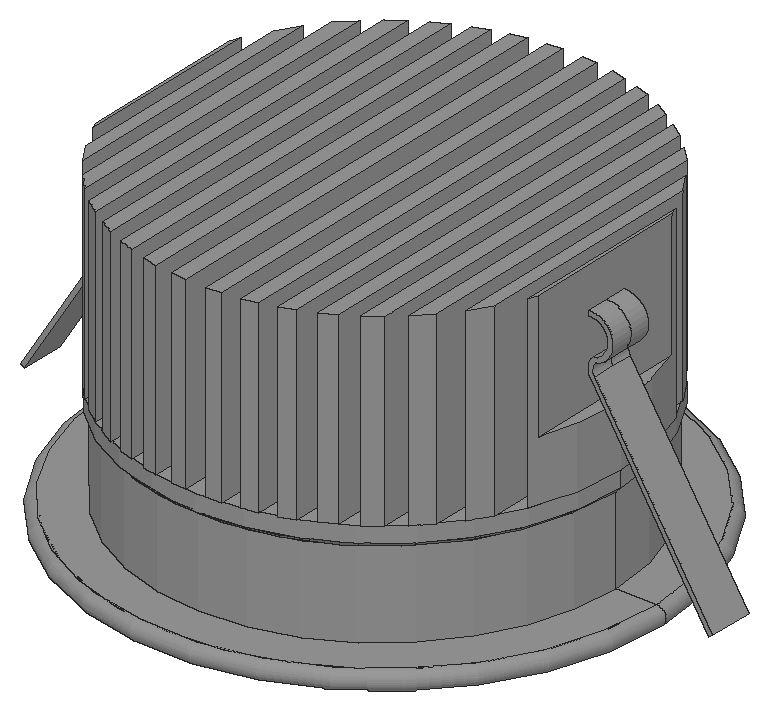
Revit family "FAM1_63_UN_Spot_ETK", category Lighting Fixtures, Revit 2017
Family settings
  Round Connector Dimension = Use Diameter
  Part Type = Normal
  OmniClass Number = 23.80.70.11.14.11
  OmniClass Title = Downlights
  Work Plane-Based = No
  Always vertical = Yes
  Cut with Voids When Loaded = Yes
  Light Source = No
  Shared = No
  Room Calculation Point = Yes
Parameters (values of type "FAM.1101.xx - 9W / 770lm / 2700K")
  Wattage Comments = "9W"
  Voltage = 230 V
  URL = "https://www.etk.nl/media/wysiwyg/files/FAM.1.pdf"
  Symbol_Waterproof [instance] = no
  Symbol_Emergency Lighting [instance] = no
  Switch Code [instance] = ""
  Model = "FAM.1"
  Material = RAL 9003
  Manufacturer = "ETK licht B.V."
  Luminaire Code [instance] = ""
  Light Source = FAM.1 - Lightsource : FAM.1101.xx - 9W / 770lm / 2700K
  Lamp = "LED"
  IfcExportType = "USERDEFINED"
  IfcExportAs = "IfcLightFixtureType"
  Copyright © IVLighting = "www.IVLighting.nl"
  Bundle = "42°"
  Assembly Code = "63.0"
  Apparent Load = 9 VA
Types (10, lengths in mm): name | Light Source
  (no name) | FAM.1 - Lightsource : FAM.1101.xx - 9W / 770lm / 2700K
  FAM.1101.xx - 9W / 770lm / 2700K | FAM.1 - Lightsource : FAM.1101.xx - 9W / 770lm / 2700K
  FAM.1201.xx - 9W / 830lm / 3000K | FAM.1 - Lightsource : FAM.1201.xx - 9W / 830lm / 3000K
  FAM.1301.xx - 9W / 850lm / 4000K | FAM.1 - Lightsource : FAM.1301.xx - 9W / 850lm / 4000K
  FAM.1102.xx - 9W / 770lm / 2700K | FAM.1 - Lightsource : FAM.1102.xx - 9W / 770lm / 2700K
  FAM.1202.xx - 9W / 830lm / 3000K | FAM.1 - Lightsource : FAM.1202.xx - 9W / 830lm / 3000K
  FAM.1302.xx - 9W / 850lm / 4000K | FAM.1 - Lightsource : FAM.1302.xx - 9W / 850lm / 4000K
  FAM.1103.xx - 9W / 770lm / 2700K | FAM.1 - Lightsource : FAM.1103.xx - 9W / 770lm / 2700K
  FAM.1203.xx - 9W / 830lm / 3000K | FAM.1 - Lightsource : FAM.1203.xx - 9W / 830lm / 3000K
  FAM.1303.xx - 9W / 850lm / 4000K | FAM.1 - Lightsource : FAM.1303.xx - 9W / 850lm / 4000K
Reference planes
  plane 1 "Center (Front/Back)": y = 0
  plane 2: z = 0
  plane 3 "Center (Left/Right)": x = 0
Forms (mm)
  Revolve 1, solid, material "RAL 9003" <- "Material"
    sketch origin (0, 0, 0) x (1, 0, 0) y (0, 0, 1)
      loop
        line (-40.007, 0) -> (-47.008, 0)
        arc (-47.008, 0) -> (-48.627, -1.619) -> (-47.008, -3.239) r 1.619
        line (-47.008, -3.239) -> (-40.007, -3.239) -> (-40.007, 0)
      axis (0, 0) -> (0, -3.239)
    angle from 0 to 360
  Revolve 2, solid, material "RAL 9003" <- "Material"
    sketch origin (0, 0, 0) x (1, 0, 0) y (0, 0, 1)
      loop
        arc (-40.007, 0) -> (-26.472, 13.1) -> (-8.191, 17.636) r 36.234
        line (-8.191, 17.636) -> (0, 17.636) -> (0, 18.576) -> (-40.792, 18.576) -> (-40.792, 15.785) -> (-40.007, 15) -> (-40.007, 0)
      axis (0, 18.576) -> (0, 0)
    angle from 0 to 360
  Revolve 3, solid, material "LED"
    sketch origin (0, 0, 0) x (1, 0, 0) y (0, 0, 1)
      loop
        line (0, 17.516) -> (0, 18.321) -> (-7.666, 18.321)
        arc (-7.666, 18.321) -> (-8.068, 17.919) -> (-7.666, 17.516) r 0.402
        line (-7.666, 17.516) -> (0, 17.516)
      axis (0, 18.321) -> (0, 17.321)
    angle from 0 to 360
  Extrusion 4, solid, material "RAL 9003" <- "Material"
    sketch origin (0, 0, 0) x (-1, 0, 0) y (0, -1, 0)
      loop
        line (37.571, 15.887) -> (37.571, -15.887)
        arc (37.571, -15.887) -> (40.792, 0) -> (37.571, 15.887) r 40.792
      loop
        arc (-37.571, 15.887) -> (-40.792, 0) -> (-37.571, -15.887) r 40.792
        line (-37.571, -15.887) -> (-37.571, 15.887)
      loop
        line (35.389, 20.274) -> (33.103, 23.836) -> (33.103, -23.836) -> (35.389, -20.274) -> (35.389, 20.274)
      loop
        line (30.609, 26.936) -> (28.01, 29.695) -> (28.01, -29.654)
        arc (28.01, -29.654) -> (29.342, -28.338) -> (30.609, -26.96) r 39.235
        line (30.609, -26.96) -> (30.609, 26.936)
      loop
        arc (25.516, 31.826) -> (24.236, 32.811) -> (22.917, 33.745) r 40.792
        line (22.917, 33.745) -> (22.917, -33.745)
        arc (22.917, -33.745) -> (24.236, -32.811) -> (25.516, -31.826) r 40.792
        line (25.516, -31.826) -> (25.516, 31.826)
      loop
        arc (20.424, 35.31) -> (19.137, 36.024) -> (17.825, 36.691) r 40.792
        line (17.825, 36.691) -> (17.825, -36.691)
        arc (17.825, -36.691) -> (19.137, -36.024) -> (20.424, -35.31) r 40.792
        line (20.424, -35.31) -> (20.424, 35.31)
      loop
        arc (15.175, 37.864) -> (13.883, 38.356) -> (12.576, 38.805) r 40.792
        line (12.576, 38.805) -> (12.576, -38.805)
        arc (12.576, -38.805) -> (13.883, -38.356) -> (15.175, -37.864) r 40.792
        line (15.175, -37.864) -> (15.175, 37.864)
      loop
        arc (9.926, 39.566) -> (8.631, 39.868) -> (7.327, 40.128) r 40.792
        line (7.327, 40.128) -> (7.327, -40.128)
        arc (7.327, -40.128) -> (8.631, -39.868) -> (9.926, -39.566) r 40.792
        line (9.926, -39.566) -> (9.926, 39.566)
      loop
        arc (4.364, 40.523) -> (3.066, 40.651) -> (1.765, 40.739) r 40.792
        line (1.765, 40.739) -> (1.765, -40.739)
        arc (1.765, -40.739) -> (3.066, -40.651) -> (4.364, -40.523) r 40.792
        line (4.364, -40.523) -> (4.364, 40.523)
      loop
        line (-35.389, 20.274) -> (-35.389, -20.274) -> (-33.103, -23.836) -> (-33.103, 23.836) -> (-35.389, 20.274)
      loop
        line (-30.609, 26.936) -> (-30.609, -26.96)
        arc (-30.609, -26.96) -> (-29.342, -28.338) -> (-28.01, -29.654) r 39.235
        line (-28.01, -29.654) -> (-28.01, 29.695) -> (-30.609, 26.936)
      loop
        line (-25.516, 31.826) -> (-25.516, -31.826)
        arc (-25.516, -31.826) -> (-24.236, -32.811) -> (-22.917, -33.745) r 40.792
        line (-22.917, -33.745) -> (-22.917, 33.745)
        arc (-22.917, 33.745) -> (-24.236, 32.811) -> (-25.516, 31.826) r 40.792
      loop
        line (-20.424, 35.31) -> (-20.424, -35.31)
        arc (-20.424, -35.31) -> (-19.137, -36.024) -> (-17.825, -36.691) r 40.792
        line (-17.825, -36.691) -> (-17.825, 36.691)
        arc (-17.825, 36.691) -> (-19.137, 36.024) -> (-20.424, 35.31) r 40.792
      loop
        line (-15.175, 37.864) -> (-15.175, -37.864)
        arc (-15.175, -37.864) -> (-13.883, -38.356) -> (-12.576, -38.805) r 40.792
        line (-12.576, -38.805) -> (-12.576, 38.805)
        arc (-12.576, 38.805) -> (-13.883, 38.356) -> (-15.175, 37.864) r 40.792
      loop
        line (-9.926, 39.566) -> (-9.926, -39.566)
        arc (-9.926, -39.566) -> (-8.631, -39.868) -> (-7.327, -40.128) r 40.792
        line (-7.327, -40.128) -> (-7.327, 40.128)
        arc (-7.327, 40.128) -> (-8.631, 39.868) -> (-9.926, 39.566) r 40.792
      loop
        line (-4.364, 40.523) -> (-4.364, -40.523)
        arc (-4.364, -40.523) -> (-3.066, -40.651) -> (-1.765, -40.739) r 40.792
        line (-1.765, -40.739) -> (-1.765, 40.739)
        arc (-1.765, 40.739) -> (-3.066, 40.651) -> (-4.364, 40.523) r 40.792
    from 18.576 to 51
  Sweep 5, solid, material "RAL 9003"
    path origin (-3.241, 0, -5.313) x (1, 0, 0) y (0, 0, 1)
      loop
        arc (-34.416, 49.338) -> (-39.213, 46.488) -> (-36.363, 41.692) r 3.945
        arc (-36.363, 41.692) -> (-35.87, 40.643) -> (-36.13, 39.514) r 1.775
        line (-36.13, 39.514) -> (-56.617, 6.726)
    profile origin (-42.453, 0, 41.176) x (0.969103, 0, -0.246656) y (0, -1, 0)
      loop
        line (0, 3.782) -> (0, 0) -> (0, -3.782) -> (0.877, -3.782) -> (0.877, 0) -> (0.877, 3.782) -> (0, 3.782)
  Extrusion 6, void
    sketch origin (0, 0, 0) x (-1, 0, 0) y (0, -1, 0)
      loop
        line (38.161, 14.411) -> (38.161, -14.411)
        arc (38.161, -14.411) -> (40.792, 0) -> (38.161, 14.411) r 40.792
    from 29.191 to 51
  Extrusion 7, void
    sketch origin (0, 0, 0) x (-1, 0, 0) y (0, -1, 0)
      loop
        arc (-38.161, 14.411) -> (-40.792, 0) -> (-38.161, -14.411) r 40.792
        line (-38.161, -14.411) -> (-38.161, 14.411)
    from 29.191 to 51
  Sweep 8, solid, material "RAL 9003"
    path origin (3.241, 0, -5.313) x (-1, 0, 0) y (0, 0, 1)
      loop
        arc (-34.416, 49.338) -> (-39.213, 46.488) -> (-36.363, 41.692) r 3.945
        arc (-36.363, 41.692) -> (-35.87, 40.643) -> (-36.13, 39.514) r 1.775
        line (-36.13, 39.514) -> (-56.617, 6.726)
    profile origin (42.453, 0, 41.176) x (0.969103, 0, 0.246656) y (0, -1, 0)
      loop
        line (0, 3.782) -> (-0.877, 3.782) -> (-0.877, 0) -> (-0.877, -3.782) -> (0, -3.782) -> (0, 0) -> (0, 3.782)
  Extrusion 9, void
    sketch origin (0, 0, 0) x (-1, 0, 0) y (0, -1, 0)
      loop
        arc (-38.161, 14.411) -> (-40.792, 0) -> (-38.161, -14.411) r 40.792
        line (-38.161, -14.411) -> (-38.161, 14.411)
    from 29.191 to 51
Cuts and joins
  Extrusion 6 cuts Revolve 1
  Extrusion 6 cuts Revolve 2
  Extrusion 6, Extrusion 7, Extrusion 9 cuts Extrusion 4
  Extrusion 7 cuts Sweep 5
Dimensions and locks
  plane 3 "Center (Left/Right)" to Revolve 1 sketch curve = 47.008 mm  (x2)
  aligned and locked: level to plane 2
Nested families
  nested 1: "FAM.1 Light_Symbol_IVL" at (-1.246, 0.777, 0), type "Lighting Fixture - Round"
  nested 2: "FAM.1 - Lightsource" at (0.004, 0, 0), type <- "Light Source", type "FAM.1101.xx - 9W / 770lm / 2700K"
Definition of nested family "FAM.1 Light_Symbol_IVL"
  Parameters (values of type "Lighting Fixture Round - Waterproof")
    Waterproof = yes
    Lighting Fixture = yes
    Emergency Lighting = no
  Types (3, lengths in mm): name | Waterproof | Emergency Lighting
    Lighting Fixture - Round | no | no
    Lighting Fixture Round - Emergency Lighting | no | yes
    Lighting Fixture Round - Waterproof | yes | no
  Reference planes
    plane 1: y = 0
    plane 2: x = 0
  Lines and regions (mm)
    Filled region 1, type "Emergency Lighting", visible <- "Waterproof"
      outline origin (5.15, 1.04, 0) x (1, 0, 0) y (0, 1, 0)
        loop
          arc (-5.866, -1.34) -> (-5.15, -1.817) -> (-4.434, -1.34) r 0.777
          line (-4.434, -1.34) -> (-5.866, -1.34)
    Filled region 2, type "Emergency Lighting", visible <- "Emergency Lighting"
      outline origin (5.15, 1.04, 0) x (1, 0, 0) y (0, 1, 0)
        loop
          line (-5.15, -1.04) -> (-5.703, -0.487)
          arc (-5.703, -0.487) -> (-5.927, -1.04) -> (-5.703, -1.594) r 0.797
          line (-5.703, -1.594) -> (-5.15, -1.04)
    Filled region 3, type "Emergency Lighting", visible <- "Emergency Lighting"
      outline origin (-5.15, 1.04, 0) x (0, 1, 0) y (-1, 0, 0)
        loop
          line (-1.04, -5.15) -> (-1.594, -5.703)
          arc (-1.594, -5.703) -> (-1.04, -5.927) -> (-0.487, -5.703) r 0.797
          line (-0.487, -5.703) -> (-1.04, -5.15)
    detail lines, visible <- "Lighting Fixture"
      curve 1: circle (0, 0, 0) r 0.777 normal (0, 0, 1)
    detail lines, not visible
      curve 2: line (0.716, -0.3, 0) -> (-0.716, -0.3, 0)
    detail lines, visible <- "Waterproof"
      curve 3: circle (0, 0, 0) r 0.777 normal (0, 0, 1)
    detail lines, visible <- "Emergency Lighting"
      curve 4: circle (0, 0, 0) r 0.777 normal (0, 0, 1)
Definition of nested family "FAM.1 - Lightsource"
  Parameters (values of type "FAM.1101.xx - 9W / 770lm / 2700K")
    Wattage Comments = "9W"
    Wattage = 5.18372 W
    built-in parameter 1150110 = 1 (stored number, unit not read)
    URL = "https://www.etk.nl/media/wysiwyg/files/FAM.1.pdf"
    built-in parameter 1114217 = 1 (stored number, unit not read)
    Tilt Angle = 90.00°
    built-in parameter 1150109 = 1 (stored number, unit not read)
    built-in parameter 1150134 = (empty or 0)
    built-in parameter 1150113 = 1 (stored number, unit not read)
    Photometric Web File = "FAM.1101.11_LDT.ies"
    built-in parameter 1150142 = "IESNA91\r\n[MANUFAC]  www.etk.nl\r\n[LUMCAT] FAM.1101.11\r\n[LUMINAIRE] FAM.1 LED 9W 2700K wit mat (FAM.1111.11) 100lm/W Ra>90 38° Dimbaar fase afsnij\r\n[LAMP] LED\r\n[CHANGED] this file converted to 'ies' from 'ldt' by IES Viewer v2.99n    (C) Andrey Legotin\r\nTILT=NONE\r\n1 780 0.78 91 1 1 2 0 -0.074 0\r\n1 1 11\r\n0 1 2 3 4 5 6 7 8 9 10 11 12 13 14 15 16 17 18 19 20 21 22 \r\n23 24 25 26 27 28 29 30 31 32 33 34 35 36 37 38 39 40 41 42 \r\n43 44 45 46 47 48 49 50 51 52 53 54 55 56 57 58 59 60 61 62 \r\n63 64 65 66 67 68 69 70 71 72 73 74 75 76 77 78 79 80 81 82 \r\n83 84 85 86 87 88 89 90 \r\n0 \r\n1491.8 1488.4 1481.2 1468.2 1448.4 1422.5 1390.6 1353.5 \r\n1312.2 1267.7 1220.9 1172 1122.2 1072.9 1024.6 977.8 932.99 \r\n890.59 850.43 812.47 776.65 742.97 711.6 682.35 655.21 \r\n630.31 607.29 585.41 563.75 540.93 515.89 488.15 457.57 \r\n424.78 391.73 358.69 323.13 283.03 238.58 191.74 145.72 \r\n105.08 74.99 57.05 48.01 43.63 41.18 39.46 38 36.6 35.16 \r\n33.81 32.64 31.64 30.73 29.82 28.94 28.03 27.1 26.11 24.97 \r\n23.68 22.36 20.96 19.4 17.7 16.03 14.48 12.96 11.54 10.22 \r\n8.98 7.85 6.81 5.87 4.91 3.93 2.98 2.04 1.24 0.67 0.33 0.18 \r\n0.13 0.09 0.06 0.05 0.04 0.04 0.04 0.05 \r\n"
    Model = "FAM.1"
    Manufacturer = "ETK B.V."
    built-in parameter 1150105 = 61.275 (stored number, unit not read)
    Lumens = 770 lm
    built-in parameter 1150115 = 1 (stored number, unit not read)
    built-in parameter 1150137 = (empty or 0)
    built-in parameter 1150139 = (empty or 0)
    built-in parameter 1150112 = 1 (stored number, unit not read)
    built-in parameter 1150114 = 1 (stored number, unit not read)
    Lamp = "LED"
    built-in parameter 1150132 = 2
    built-in parameter 1150102 = (empty or 0)
    built-in parameter 1150107 = 2700 (stored number, unit not read)
    built-in parameter 1150138 = (empty or 0)
    built-in parameter 1150106 = 0.61275 (stored number, unit not read)
    built-in parameter 1150104 = 13.8 (stored number, unit not read)
    Dimming Lamp Color Temperature Shift = (empty or 0)
    Description = "Light sources"
    Copyright © IVLighting = "www.ivlighting.nl"
    Color Filter = 16777215
    Bundle = "42°"
    built-in parameter 1114218 = 1 (stored number, unit not read)
    built-in parameter 1150133 = 10 (stored number, unit not read)
    Assembly Code = "63.0"
    Apparent Load = 9 VA
  Types (10, lengths in mm): name | Wattage | built-in parameter 1150134 | Photometric Web File | built-in parameter 1150142 | built-in parameter 1150105 | Lumens | built-in parameter 1150107 | built-in parameter 1150106
    (no name) | 5.18372 W | (empty or 0) | "FAM.1101.11_LDT.ies" | "IESNA91\r\n[MANUFAC]  www.etk.nl\r\n[LUMCAT] FAM.1101.11\r\n[LUMINAIRE] FAM.1 LED 9W 2700K wit mat (FAM.1111.11) 100lm/W Ra>90 38° Dimbaar fase afsnij\r\n[LAMP] LED\r\n[CHANGED] this file converted to 'ies' from 'ldt' by IES Viewer v2.99n    (C) Andrey Legotin\r\nTILT=NONE\r\n1 780 0.78 91 1 1 2 0 -0.074 0\r\n1 1 11\r\n0 1 2 3 4 5 6 7 8 9 10 11 12 13 14 15 16 17 18 19 20 21 22 \r\n23 24 25 26 27 28 29 30 31 32 33 34 35 36 37 38 39 40 41 42 \r\n43 44 45 46 47 48 49 50 51 52 53 54 55 56 57 58 59 60 61 62 \r\n63 64 65 66 67 68 69 70 71 72 73 74 75 76 77 78 79 80 81 82 \r\n83 84 85 86 87 88 89 90 \r\n0 \r\n1491.8 1488.4 1481.2 1468.2 1448.4 1422.5 1390.6 1353.5 \r\n1312.2 1267.7 1220.9 1172 1122.2 1072.9 1024.6 977.8 932.99 \r\n890.59 850.43 812.47 776.65 742.97 711.6 682.35 655.21 \r\n630.31 607.29 585.41 563.75 540.93 515.89 488.15 457.57 \r\n424.78 391.73 358.69 323.13 283.03 238.58 191.74 145.72 \r\n105.08 74.99 57.05 48.01 43.63 41.18 39.46 38 36.6 35.16 \r\n33.81 32.64 31.64 30.73 29.82 28.94 28.03 27.1 26.11 24.97 \r\n23.68 22.36 20.96 19.4 17.7 16.03 14.48 12.96 11.54 10.22 \r\n8.98 7.85 6.81 5.87 4.91 3.93 2.98 2.04 1.24 0.67 0.33 0.18 \r\n0.13 0.09 0.06 0.05 0.04 0.04 0.04 0.05 \r\n" | 61.275 (stored number, unit not read) | 770 lm | 2700 (stored number, unit not read) | 0.61275 (stored number, unit not read)
    FAM.1101.xx - 9W / 770lm / 2700K | 5.18372 W | (empty or 0) | "FAM.1101.11_LDT.ies" | "IESNA91\r\n[MANUFAC]  www.etk.nl\r\n[LUMCAT] FAM.1101.11\r\n[LUMINAIRE] FAM.1 LED 9W 2700K wit mat (FAM.1111.11) 100lm/W Ra>90 38° Dimbaar fase afsnij\r\n[LAMP] LED\r\n[CHANGED] this file converted to 'ies' from 'ldt' by IES Viewer v2.99n    (C) Andrey Legotin\r\nTILT=NONE\r\n1 780 0.78 91 1 1 2 0 -0.074 0\r\n1 1 11\r\n0 1 2 3 4 5 6 7 8 9 10 11 12 13 14 15 16 17 18 19 20 21 22 \r\n23 24 25 26 27 28 29 30 31 32 33 34 35 36 37 38 39 40 41 42 \r\n43 44 45 46 47 48 49 50 51 52 53 54 55 56 57 58 59 60 61 62 \r\n63 64 65 66 67 68 69 70 71 72 73 74 75 76 77 78 79 80 81 82 \r\n83 84 85 86 87 88 89 90 \r\n0 \r\n1491.8 1488.4 1481.2 1468.2 1448.4 1422.5 1390.6 1353.5 \r\n1312.2 1267.7 1220.9 1172 1122.2 1072.9 1024.6 977.8 932.99 \r\n890.59 850.43 812.47 776.65 742.97 711.6 682.35 655.21 \r\n630.31 607.29 585.41 563.75 540.93 515.89 488.15 457.57 \r\n424.78 391.73 358.69 323.13 283.03 238.58 191.74 145.72 \r\n105.08 74.99 57.05 48.01 43.63 41.18 39.46 38 36.6 35.16 \r\n33.81 32.64 31.64 30.73 29.82 28.94 28.03 27.1 26.11 24.97 \r\n23.68 22.36 20.96 19.4 17.7 16.03 14.48 12.96 11.54 10.22 \r\n8.98 7.85 6.81 5.87 4.91 3.93 2.98 2.04 1.24 0.67 0.33 0.18 \r\n0.13 0.09 0.06 0.05 0.04 0.04 0.04 0.05 \r\n" | 61.275 (stored number, unit not read) | 770 lm | 2700 (stored number, unit not read) | 0.61275 (stored number, unit not read)
    FAM.1201.xx - 9W / 830lm / 3000K | 5.58765 W | (empty or 0) | "FAM.1201.11_LDT.ies" | "IESNA91\r\n[MANUFAC]  www.etk.nl\r\n[LUMCAT] FAM.1201.11\r\n[LUMINAIRE] FAM.1 LED 9W 3000K wit mat (FAM.1211.11) 100lm/W Ra>90 38° Dimbaar fase afsnij\r\n[LAMP] LED\r\n[CHANGED] this file converted to 'ies' from 'ldt' by IES Viewer v2.99n    (C) Andrey Legotin\r\nTILT=NONE\r\n1 830 0.83 91 1 1 2 0 -0.074 0\r\n1 1 11\r\n0 1 2 3 4 5 6 7 8 9 10 11 12 13 14 15 16 17 18 19 20 21 22 \r\n23 24 25 26 27 28 29 30 31 32 33 34 35 36 37 38 39 40 41 42 \r\n43 44 45 46 47 48 49 50 51 52 53 54 55 56 57 58 59 60 61 62 \r\n63 64 65 66 67 68 69 70 71 72 73 74 75 76 77 78 79 80 81 82 \r\n83 84 85 86 87 88 89 90 \r\n0 \r\n1491.8 1488.4 1481.2 1468.2 1448.4 1422.5 1390.6 1353.5 \r\n1312.2 1267.7 1220.9 1172 1122.2 1072.9 1024.6 977.8 932.99 \r\n890.59 850.43 812.47 776.65 742.97 711.6 682.35 655.21 \r\n630.31 607.29 585.41 563.75 540.93 515.89 488.15 457.57 \r\n424.78 391.73 358.69 323.13 283.03 238.58 191.74 145.72 \r\n105.08 74.99 57.05 48.01 43.63 41.18 39.46 38 36.6 35.16 \r\n33.81 32.64 31.64 30.73 29.82 28.94 28.03 27.1 26.11 24.97 \r\n23.68 22.36 20.96 19.4 17.7 16.03 14.48 12.96 11.54 10.22 \r\n8.98 7.85 6.81 5.87 4.91 3.93 2.98 2.04 1.24 0.67 0.33 0.18 \r\n0.13 0.09 0.06 0.05 0.04 0.04 0.04 0.05 \r\n" | 66.049 (stored number, unit not read) | 830 lm | 3000 (stored number, unit not read) | 0.66049 (stored number, unit not read)
    FAM.1301.xx - 9W / 850lm / 4000K | 5.72229 W | 12 | "FAM.1301.11_LDT.ies" | "IESNA91\r\n[MANUFAC]  www.etk.nl\r\n[LUMCAT] FAM.1301.11\r\n[LUMINAIRE] FAM.1 LED 9W 4000K wit mat (FAM.1311.11) 100lm/W Ra>90 38° Dimbaar fase afsnij\r\n[LAMP] LED\r\n[CHANGED] this file converted to 'ies' from 'ldt' by IES Viewer v2.99n    (C) Andrey Legotin\r\nTILT=NONE\r\n1 900 0.9 91 1 1 2 0 -0.074 0\r\n1 1 11\r\n0 1 2 3 4 5 6 7 8 9 10 11 12 13 14 15 16 17 18 19 20 21 22 \r\n23 24 25 26 27 28 29 30 31 32 33 34 35 36 37 38 39 40 41 42 \r\n43 44 45 46 47 48 49 50 51 52 53 54 55 56 57 58 59 60 61 62 \r\n63 64 65 66 67 68 69 70 71 72 73 74 75 76 77 78 79 80 81 82 \r\n83 84 85 86 87 88 89 90 \r\n0 \r\n1491.8 1488.4 1481.2 1468.2 1448.4 1422.5 1390.6 1353.5 \r\n1312.2 1267.7 1220.9 1172 1122.2 1072.9 1024.6 977.8 932.99 \r\n890.59 850.43 812.47 776.65 742.97 711.6 682.35 655.21 \r\n630.31 607.29 585.41 563.75 540.93 515.89 488.15 457.57 \r\n424.78 391.73 358.69 323.13 283.03 238.58 191.74 145.72 \r\n105.08 74.99 57.05 48.01 43.63 41.18 39.46 38 36.6 35.16 \r\n33.81 32.64 31.64 30.73 29.82 28.94 28.03 27.1 26.11 24.97 \r\n23.68 22.36 20.96 19.4 17.7 16.03 14.48 12.96 11.54 10.22 \r\n8.98 7.85 6.81 5.87 4.91 3.93 2.98 2.04 1.24 0.67 0.33 0.18 \r\n0.13 0.09 0.06 0.05 0.04 0.04 0.04 0.05 \r\n" | 67.641 (stored number, unit not read) | 850 lm | 4000 (stored number, unit not read) | 0.67641 (stored number, unit not read)
    FAM.1102.xx - 9W / 770lm / 2700K | 5.18372 W | (empty or 0) | "FAM.1102.11_LDT.ies" | "IESNA91\r\n[MANUFAC]  www.etk.nl\r\n[LUMCAT] FAM.1102.11\r\n[LUMINAIRE] FAM.1 LED 9W 2700K wit mat 770lm Ra>95 42° Dimbaar 1-10V of push\r\n[LAMP] LED\r\n[CHANGED] this file converted to 'ies' from 'ldt' by IES Viewer v2.99n    (C) Andrey Legotin\r\nTILT=NONE\r\n1 780 0.78 91 1 1 2 0 -0.074 0\r\n1 1 11\r\n0 1 2 3 4 5 6 7 8 9 10 11 12 13 14 15 16 17 18 19 20 21 22 \r\n23 24 25 26 27 28 29 30 31 32 33 34 35 36 37 38 39 40 41 42 \r\n43 44 45 46 47 48 49 50 51 52 53 54 55 56 57 58 59 60 61 62 \r\n63 64 65 66 67 68 69 70 71 72 73 74 75 76 77 78 79 80 81 82 \r\n83 84 85 86 87 88 89 90 \r\n0 \r\n1491.8 1488.4 1481.2 1468.2 1448.4 1422.5 1390.6 1353.5 \r\n1312.2 1267.7 1220.9 1172 1122.2 1072.9 1024.6 977.8 932.99 \r\n890.59 850.43 812.47 776.65 742.97 711.6 682.35 655.21 \r\n630.31 607.29 585.41 563.75 540.93 515.89 488.15 457.57 \r\n424.78 391.73 358.69 323.13 283.03 238.58 191.74 145.72 \r\n105.08 74.99 57.05 48.01 43.63 41.18 39.46 38 36.6 35.16 \r\n33.81 32.64 31.64 30.73 29.82 28.94 28.03 27.1 26.11 24.97 \r\n23.68 22.36 20.96 19.4 17.7 16.03 14.48 12.96 11.54 10.22 \r\n8.98 7.85 6.81 5.87 4.91 3.93 2.98 2.04 1.24 0.67 0.33 0.18 \r\n0.13 0.09 0.06 0.05 0.04 0.04 0.04 0.05 \r\n" | 61.275 (stored number, unit not read) | 770 lm | 2700 (stored number, unit not read) | 0.61275 (stored number, unit not read)
    FAM.1202.xx - 9W / 830lm / 3000K | 5.58765 W | (empty or 0) | "FAM.1202.11_LDT.ies" | "IESNA91\r\n[MANUFAC]  www.etk.nl\r\n[LUMCAT] FAM.1202.11\r\n[LUMINAIRE] FAM.1 LED 9W 3000K wit mat 830lm Ra>95 42° Dimbaar 1-10V of push\r\n[LAMP] LED\r\n[CHANGED] this file converted to 'ies' from 'ldt' by IES Viewer v2.99n    (C) Andrey Legotin\r\nTILT=NONE\r\n1 830 0.83 91 1 1 2 0 -0.074 0\r\n1 1 11\r\n0 1 2 3 4 5 6 7 8 9 10 11 12 13 14 15 16 17 18 19 20 21 22 \r\n23 24 25 26 27 28 29 30 31 32 33 34 35 36 37 38 39 40 41 42 \r\n43 44 45 46 47 48 49 50 51 52 53 54 55 56 57 58 59 60 61 62 \r\n63 64 65 66 67 68 69 70 71 72 73 74 75 76 77 78 79 80 81 82 \r\n83 84 85 86 87 88 89 90 \r\n0 \r\n1491.8 1488.4 1481.2 1468.2 1448.4 1422.5 1390.6 1353.5 \r\n1312.2 1267.7 1220.9 1172 1122.2 1072.9 1024.6 977.8 932.99 \r\n890.59 850.43 812.47 776.65 742.97 711.6 682.35 655.21 \r\n630.31 607.29 585.41 563.75 540.93 515.89 488.15 457.57 \r\n424.78 391.73 358.69 323.13 283.03 238.58 191.74 145.72 \r\n105.08 74.99 57.05 48.01 43.63 41.18 39.46 38 36.6 35.16 \r\n33.81 32.64 31.64 30.73 29.82 28.94 28.03 27.1 26.11 24.97 \r\n23.68 22.36 20.96 19.4 17.7 16.03 14.48 12.96 11.54 10.22 \r\n8.98 7.85 6.81 5.87 4.91 3.93 2.98 2.04 1.24 0.67 0.33 0.18 \r\n0.13 0.09 0.06 0.05 0.04 0.04 0.04 0.05 \r\n" | 66.049 (stored number, unit not read) | 830 lm | 3000 (stored number, unit not read) | 0.66049 (stored number, unit not read)
    FAM.1302.xx - 9W / 850lm / 4000K | 5.72229 W | 12 | "FAM.1302.11_LDT.ies" | "IESNA91\r\n[MANUFAC]  www.etk.nl\r\n[LUMCAT] FAM.1302.11\r\n[LUMINAIRE] FAM.1 LED 9W 4000K wit mat 850lm Ra>95 42° Dimbaar 1-10V of push\r\n[LAMP] LED\r\n[CHANGED] this file converted to 'ies' from 'ldt' by IES Viewer v2.99n    (C) Andrey Legotin\r\nTILT=NONE\r\n1 900 0.9 91 1 1 2 0 -0.074 0\r\n1 1 11\r\n0 1 2 3 4 5 6 7 8 9 10 11 12 13 14 15 16 17 18 19 20 21 22 \r\n23 24 25 26 27 28 29 30 31 32 33 34 35 36 37 38 39 40 41 42 \r\n43 44 45 46 47 48 49 50 51 52 53 54 55 56 57 58 59 60 61 62 \r\n63 64 65 66 67 68 69 70 71 72 73 74 75 76 77 78 79 80 81 82 \r\n83 84 85 86 87 88 89 90 \r\n0 \r\n1491.8 1488.4 1481.2 1468.2 1448.4 1422.5 1390.6 1353.5 \r\n1312.2 1267.7 1220.9 1172 1122.2 1072.9 1024.6 977.8 932.99 \r\n890.59 850.43 812.47 776.65 742.97 711.6 682.35 655.21 \r\n630.31 607.29 585.41 563.75 540.93 515.89 488.15 457.57 \r\n424.78 391.73 358.69 323.13 283.03 238.58 191.74 145.72 \r\n105.08 74.99 57.05 48.01 43.63 41.18 39.46 38 36.6 35.16 \r\n33.81 32.64 31.64 30.73 29.82 28.94 28.03 27.1 26.11 24.97 \r\n23.68 22.36 20.96 19.4 17.7 16.03 14.48 12.96 11.54 10.22 \r\n8.98 7.85 6.81 5.87 4.91 3.93 2.98 2.04 1.24 0.67 0.33 0.18 \r\n0.13 0.09 0.06 0.05 0.04 0.04 0.04 0.05 \r\n" | 67.641 (stored number, unit not read) | 850 lm | 4000 (stored number, unit not read) | 0.67641 (stored number, unit not read)
    FAM.1103.xx - 9W / 770lm / 2700K | 5.18372 W | (empty or 0) | "FAM.1103.11_LDT.ies" | "IESNA91\r\n[MANUFAC]  www.etk.nl\r\n[LUMCAT] FAM.1103.11\r\n[LUMINAIRE] FAM.1 LED 9W 2700K wit mat 770lm Ra>95 42° Dimbaar DALI\r\n[LAMP] LED\r\n[CHANGED] this file converted to 'ies' from 'ldt' by IES Viewer v2.99n    (C) Andrey Legotin\r\nTILT=NONE\r\n1 780 0.78 91 1 1 2 0 -0.074 0\r\n1 1 11\r\n0 1 2 3 4 5 6 7 8 9 10 11 12 13 14 15 16 17 18 19 20 21 22 \r\n23 24 25 26 27 28 29 30 31 32 33 34 35 36 37 38 39 40 41 42 \r\n43 44 45 46 47 48 49 50 51 52 53 54 55 56 57 58 59 60 61 62 \r\n63 64 65 66 67 68 69 70 71 72 73 74 75 76 77 78 79 80 81 82 \r\n83 84 85 86 87 88 89 90 \r\n0 \r\n1491.8 1488.4 1481.2 1468.2 1448.4 1422.5 1390.6 1353.5 \r\n1312.2 1267.7 1220.9 1172 1122.2 1072.9 1024.6 977.8 932.99 \r\n890.59 850.43 812.47 776.65 742.97 711.6 682.35 655.21 \r\n630.31 607.29 585.41 563.75 540.93 515.89 488.15 457.57 \r\n424.78 391.73 358.69 323.13 283.03 238.58 191.74 145.72 \r\n105.08 74.99 57.05 48.01 43.63 41.18 39.46 38 36.6 35.16 \r\n33.81 32.64 31.64 30.73 29.82 28.94 28.03 27.1 26.11 24.97 \r\n23.68 22.36 20.96 19.4 17.7 16.03 14.48 12.96 11.54 10.22 \r\n8.98 7.85 6.81 5.87 4.91 3.93 2.98 2.04 1.24 0.67 0.33 0.18 \r\n0.13 0.09 0.06 0.05 0.04 0.04 0.04 0.05 \r\n" | 61.275 (stored number, unit not read) | 770 lm | 2700 (stored number, unit not read) | 0.61275 (stored number, unit not read)
    FAM.1203.xx - 9W / 830lm / 3000K | 5.58765 W | (empty or 0) | "FAM.1203.11_LDT.ies" | "IESNA91\r\n[MANUFAC]  www.etk.nl\r\n[LUMCAT] FAM.1203.11\r\n[LUMINAIRE] FAM.1 LED 9W 3000K wit mat 830lm Ra>95 42° Dimbaar DALI\r\n[LAMP] LED\r\n[CHANGED] this file converted to 'ies' from 'ldt' by IES Viewer v2.99n    (C) Andrey Legotin\r\nTILT=NONE\r\n1 830 0.83 91 1 1 2 0 -0.074 0\r\n1 1 11\r\n0 1 2 3 4 5 6 7 8 9 10 11 12 13 14 15 16 17 18 19 20 21 22 \r\n23 24 25 26 27 28 29 30 31 32 33 34 35 36 37 38 39 40 41 42 \r\n43 44 45 46 47 48 49 50 51 52 53 54 55 56 57 58 59 60 61 62 \r\n63 64 65 66 67 68 69 70 71 72 73 74 75 76 77 78 79 80 81 82 \r\n83 84 85 86 87 88 89 90 \r\n0 \r\n1491.8 1488.4 1481.2 1468.2 1448.4 1422.5 1390.6 1353.5 \r\n1312.2 1267.7 1220.9 1172 1122.2 1072.9 1024.6 977.8 932.99 \r\n890.59 850.43 812.47 776.65 742.97 711.6 682.35 655.21 \r\n630.31 607.29 585.41 563.75 540.93 515.89 488.15 457.57 \r\n424.78 391.73 358.69 323.13 283.03 238.58 191.74 145.72 \r\n105.08 74.99 57.05 48.01 43.63 41.18 39.46 38 36.6 35.16 \r\n33.81 32.64 31.64 30.73 29.82 28.94 28.03 27.1 26.11 24.97 \r\n23.68 22.36 20.96 19.4 17.7 16.03 14.48 12.96 11.54 10.22 \r\n8.98 7.85 6.81 5.87 4.91 3.93 2.98 2.04 1.24 0.67 0.33 0.18 \r\n0.13 0.09 0.06 0.05 0.04 0.04 0.04 0.05 \r\n" | 66.049 (stored number, unit not read) | 830 lm | 3000 (stored number, unit not read) | 0.66049 (stored number, unit not read)
    FAM.1303.xx - 9W / 850lm / 4000K | 5.72229 W | 12 | "FAM.1303.11_LDT.ies" | "IESNA91\r\n[MANUFAC]  www.etk.nl\r\n[LUMCAT] FAM.1303.11\r\n[LUMINAIRE] FAM.1 LED 9W 4000K wit mat 850lm Ra>95 42° Dimbaar DALI\r\n[LAMP] LED\r\n[CHANGED] this file converted to 'ies' from 'ldt' by IES Viewer v2.99n    (C) Andrey Legotin\r\nTILT=NONE\r\n1 900 0.9 91 1 1 2 0 -0.074 0\r\n1 1 11\r\n0 1 2 3 4 5 6 7 8 9 10 11 12 13 14 15 16 17 18 19 20 21 22 \r\n23 24 25 26 27 28 29 30 31 32 33 34 35 36 37 38 39 40 41 42 \r\n43 44 45 46 47 48 49 50 51 52 53 54 55 56 57 58 59 60 61 62 \r\n63 64 65 66 67 68 69 70 71 72 73 74 75 76 77 78 79 80 81 82 \r\n83 84 85 86 87 88 89 90 \r\n0 \r\n1491.8 1488.4 1481.2 1468.2 1448.4 1422.5 1390.6 1353.5 \r\n1312.2 1267.7 1220.9 1172 1122.2 1072.9 1024.6 977.8 932.99 \r\n890.59 850.43 812.47 776.65 742.97 711.6 682.35 655.21 \r\n630.31 607.29 585.41 563.75 540.93 515.89 488.15 457.57 \r\n424.78 391.73 358.69 323.13 283.03 238.58 191.74 145.72 \r\n105.08 74.99 57.05 48.01 43.63 41.18 39.46 38 36.6 35.16 \r\n33.81 32.64 31.64 30.73 29.82 28.94 28.03 27.1 26.11 24.97 \r\n23.68 22.36 20.96 19.4 17.7 16.03 14.48 12.96 11.54 10.22 \r\n8.98 7.85 6.81 5.87 4.91 3.93 2.98 2.04 1.24 0.67 0.33 0.18 \r\n0.13 0.09 0.06 0.05 0.04 0.04 0.04 0.05 \r\n" | 67.641 (stored number, unit not read) | 850 lm | 4000 (stored number, unit not read) | 0.67641 (stored number, unit not read)
  Reference planes
    plane 1 "Center (Front/Back)": y = 0
    plane 2: z = 0
    plane 3 "Center (Left/Right)": x = 0
  Dimensions and locks
    aligned and locked: level to plane 2
